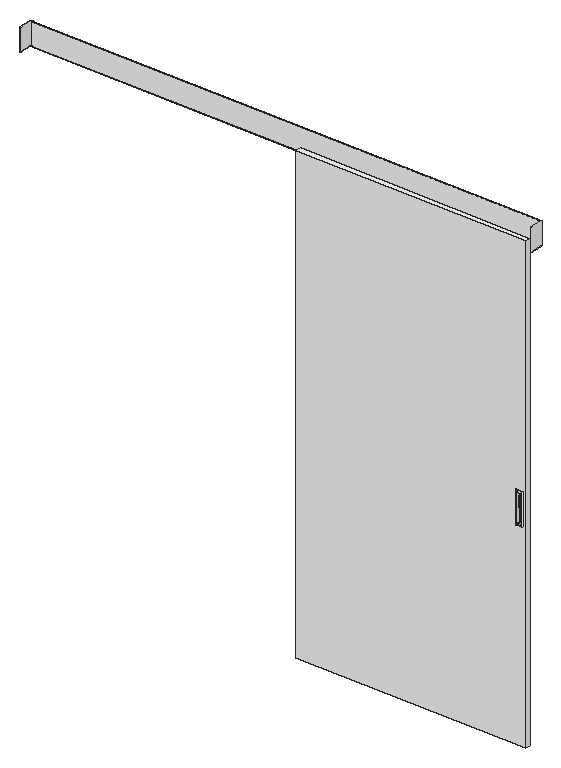
Revit family "LIUNE_D15", category Doors, host Wall, Revit 2012
Parameters (values of type "D15/ LiO10/ Mdf")
  User Covering Lenght = 0 mm
  URL = "http://www.liune.fi"
  Type Comments = "Liune integrated sliding door. The Liune™ delivery includes the ready-welded element, customized door frames and the door leaf. The Liune™ element is patented in the EU, Norway and in the USA. By default, Liune doors include an recessed  handle that can fit into the wall structure and it is included in the delivery. All Liune doors slide completely into the wall, and the entire door opening is unobstructed. The edge of the door becomes visible from the wall frames by pressing the door inward the wall at the height of the  handle, and the door can be  closed. Projecting handle is also suitable, in that case it must be taken into consideration that the width of the door opening will be reduced by 100 mm. For the mounting of cabinets etc. there must be a separate supporting steel plates installed before finishing the surfaces. Installation of Liune sliding door and door  element according to the manufacturer´s instructions. Special instructions apply to Liune products used in wet rooms and saunas. Liune sliding door elements are ready for electric conduits. The automated function is available for special order; maintenance works of the automation equipment take place through the inspection hatch. Soft and self  closing mechanism is also available as an accessory; we recommend using this mechanism only on glass doors. Other accessories include different handles and lock types. More information and instructions are available at www.aulislundell.fi and www.liune.fi"  # constant formula
  Sill to Story [instance] = 0 mm
  Opening Height [instance] = if(IsGlass, Sill to Story + Door Leaf Height, Sill to Story + Door Leaf Height - 35 mm)  # 2100 mm
  Opening = "LiO10"
  OP = if(% Of Open Door > 100, 100, if(% Of Open Door < 0, 0, % Of Open Door))  # 0
  Model = "Liune D15 LiO10"
  Material - Inox = Inox
  Material - Chrome = Chrome
  Material - Black = Black
  Material - Anodized Aluminium = AnodizedAluminium
  Manufacturer = "LIUNE"
  LiO = 10
  Keynote = ""
  IsGlass = no
  Handle Liune Standard 150mm Chrome Mat = yes
  Handle Lexy Round 60mm Inox = no
  H2 = DO1 + 32.5 mm  # 32.5 mm
  H1EL5 = if(IsGlass, Door Leaf Lenght - 81 mm, Door Leaf Lenght + 50 mm)  # 1130 mm
  H1EL4 = if(IsGlass, 30 mm, Door Offset + Door Leaf Thickness)  # 32 mm
  H1EL3 = if(IsGlass, 30 mm, Door Offset)  # 7 mm
  H1EL2 [instance] = H1EL + 75 mm  # 1080 mm
  H1EL1 [instance] = H1EL - 75 mm  # 930 mm
  H1EL [instance] = DoorLeafBottom + 1000 mm  # 1005 mm
  H1 = DO1 + 51 mm  # 51 mm
  Function = Interior
  Height = 0 mm
  Wall Closure = By host
  Width = 0 mm
  Standard Covering Lenght = if(or(LiO = 7, LiO = 8, LiO = 9), 2100 mm, if(or(LiO = 10, LiO = 11), 2400 mm, if(or(LiO = 12, LiO = 13, LiO = 14), 3000 mm, 3000 mm)))  # 2400 mm
  Free Opening = Door Leaf Lenght - 80 mm  # 1000 mm
  FO = (Door Leaf Lenght - 80 mm) / 2  # 500 mm
  FE = Free Opening + 44 mm  # 1044 mm
  DoorLeafTop [instance] = Sill to Story + Bottom Door Gap + Door Leaf Height  # 2140 mm
  DoorLeafBottom [instance] = Sill to Story + Bottom Door Gap  # 5 mm
  Door Offset = 7 mm
  Door Leaf Thickness = if(IsGlass, 8 mm, 25 mm)  # 25 mm
  Door Leaf Lenght = if(LiO = 7, 780 mm, if(LiO = 8, 880 mm, if(LiO = 9, 980 mm, if(LiO = 10, 1080 mm, if(LiO = 11, 1180 mm, if(LiO = 12, 1280 mm, if(LiO = 13, 1380 mm, if(LiO = 14, 1480 mm, 0 mm))))))))  # 1080 mm
  Door Leaf Height Minimum = if(IsGlass, 2100 mm, 2135 mm)  # 2135 mm
  Door Leaf Height Maximum = if(IsGlass, 2300 mm, 2500 mm)  # 2500 mm
  Door Leaf Height = 2135 mm
  Door Leaf = yes
  DO2 = Door Leaf Lenght + (Door Leaf Lenght * (OP / 100))  # 1080 mm
  DO1 = Door Leaf Lenght * (OP / 100)  # 0 mm
  DLF [instance] = Door Leaf Height + Sill to Story  # 2135 mm
  D = 15  # constant formula
  Covering = yes
  Covering Elevation [instance] = if(IsGlass, DoorLeafTop - 2 mm, DoorLeafTop - 35 mm)  # 2105 mm
  Covering Lenght [instance] = if(User Covering Lenght > 0 mm, User Covering Lenght, Standard Covering Lenght)  # 2400 mm
  Construction Type = "Sliding Door"
  Bottom Door Gap = if(IsGlass, 7 mm, 5 mm)  # 5 mm
  Assembly Code = "C1020100"
  5 Material - Door Leaf = SmoothWhite
  5 Material - Covering = SmoothWhite
  4 Material - Door Leaf = if(IsGlass, "GlassGrey, GlassOpal, GlassClear", "SmoothWhite")  # "SmoothWhite"
  1 Handle Luke Rectangle 144mm Silver color = if(IsGlass, 2 < 1, 2 > 1)  # yes
  1 Handle Lucy Round 60mm Inox = 2 > 1  # yes
  1 Handle Lucas Round 55mm Chrome = if(IsGlass, 2 < 1, 2 > 1)  # yes
  1 Handle Lucas Oval 105mm Chrome = if(IsGlass, 2 < 1, 2 > 1)  # yes
  1 Handle Liune Standard 150mm Chrome Mat = if(IsGlass, 2 < 1, 2 > 1)  # yes
  1 Handle Line Projecting 250mm Chrome = if(IsGlass, 2 < 1, 2 > 1)  # yes
  1 Handle Lily Rectangle 304mm Inox = if(IsGlass, 2 > 1, 2 < 1)  # no
  1 Handle Lexy Round 60mm Inox = if(IsGlass, 2 > 1, 2 < 1)  # no
  1 Handle Lexy Round 60mm Black = if(IsGlass, 2 > 1, 2 < 1)  # no
  1 Handle Leo Round 46mm Silver color = if(IsGlass, 2 < 1, 2 > 1)  # yes
  1 Handle Leo Round 46mm Gold = if(IsGlass, 2 < 1, 2 > 1)  # yes
  1 Handle Aune Round 60mm Chrome = if(IsGlass, 2 < 1, 2 > 1)  # yes
  % Of Open Door = 0
Types (16, lengths in mm): name | Opening | Model | LiO | IsGlass | Handle Liune Standard 150mm Chrome Mat | Handle Lexy Round 60mm Inox | H1EL5 | H1EL4 | H1EL3 | H1EL2 | H1EL1 | H1EL | Standard Covering Lenght | Free Opening | FO | FE | DoorLeafTop | DoorLeafBottom | Door Leaf Thickness | Door Leaf Lenght | Door Leaf Height Minimum | Door Leaf Height Maximum | Door Leaf Height | DO2 | DLF | Covering Lenght | Bottom Door Gap | 5 Material - Door Leaf | 5 Material - Covering | 4 Material - Door Leaf | 1 Handle Luke Rectangle 144mm Silver color | 1 Handle Lucas Round 55mm Chrome | 1 Handle Lucas Oval 105mm Chrome | 1 Handle Liune Standard 150mm Chrome Mat | 1 Handle Line Projecting 250mm Chrome | 1 Handle Lily Rectangle 304mm Inox | 1 Handle Lexy Round 60mm Inox | 1 Handle Lexy Round 60mm Black | 1 Handle Leo Round 46mm Silver color | 1 Handle Leo Round 46mm Gold | 1 Handle Aune Round 60mm Chrome
  D15/ LiO7/ Mdf | "LiO7" | "Liune D15 LiO7" | 7 | no | yes | no | 830 | 32 | 7 | 1080 | 930 | 1005 | 2100 | 700 | 350 | 744 | 2140 | 5 | 25 | 780 | 2135 | 2500 | 2135 | 780 | 2135 | 2100 | 5 | SmoothWhite | SmoothWhite | "SmoothWhite" | yes | yes | yes | yes | yes | no | no | no | yes | yes | yes
  D15/ LiO7/ Glass | "LiO7" | "Liune D15 LiO7" | 7 | yes | no | yes | 699 | 30 | 30 | 1082 | 932 | 1007 | 2100 | 700 | 350 | 744 | 2107 | 7 | 8 | 780 | 2100 | 2300 | 2100 | 780 | 2100 | 2100 | 7 | GlassGrey | AnodizedAluminium | "GlassGrey, GlassOpal, GlassClear" | no | no | no | no | no | yes | yes | yes | no | no | no
  D15/ LiO8/ Glass | "LiO8" | "Liune D15 LiO8" | 8 | yes | no | yes | 799 | 30 | 30 | 1082 | 932 | 1007 | 2100 | 800 | 400 | 844 | 2107 | 7 | 8 | 880 | 2100 | 2300 | 2100 | 880 | 2100 | 2100 | 7 | GlassGrey | AnodizedAluminium | "GlassGrey, GlassOpal, GlassClear" | no | no | no | no | no | yes | yes | yes | no | no | no
  D15/ LiO9/ Glass | "LiO9" | "Liune D15 LiO9" | 9 | yes | no | yes | 899 | 30 | 30 | 1082 | 932 | 1007 | 2100 | 900 | 450 | 944 | 2107 | 7 | 8 | 980 | 2100 | 2300 | 2100 | 980 | 2100 | 2100 | 7 | GlassGrey | AnodizedAluminium | "GlassGrey, GlassOpal, GlassClear" | no | no | no | no | no | yes | yes | yes | no | no | no
  D15/ LiO10/ Glass | "LiO10" | "Liune D15 LiO10" | 10 | yes | no | yes | 999 | 30 | 30 | 1082 | 932 | 1007 | 2400 | 1000 | 500 | 1044 | 2107 | 7 | 8 | 1080 | 2100 | 2300 | 2100 | 1080 | 2100 | 2400 | 7 | GlassClear | AnodizedAluminium | "GlassGrey, GlassOpal, GlassClear" | no | no | no | no | no | yes | yes | yes | no | no | no
  D15/ LiO11/ Glass | "LiO11" | "Liune D15 LiO11" | 11 | yes | no | yes | 1099 | 30 | 30 | 1082 | 932 | 1007 | 2400 | 1100 | 550 | 1144 | 2107 | 7 | 8 | 1180 | 2100 | 2300 | 2100 | 1180 | 2100 | 2400 | 7 | GlassClear | AnodizedAluminium | "GlassGrey, GlassOpal, GlassClear" | no | no | no | no | no | yes | yes | yes | no | no | no
  D15/ LiO12/ Glass | "LiO12" | "Liune D15 LiO12" | 12 | yes | no | yes | 1199 | 30 | 30 | 1082 | 932 | 1007 | 3000 | 1200 | 600 | 1244 | 2107 | 7 | 8 | 1280 | 2100 | 2300 | 2100 | 1280 | 2100 | 3000 | 7 | GlassClear | AnodizedAluminium | "GlassGrey, GlassOpal, GlassClear" | no | no | no | no | no | yes | yes | yes | no | no | no
  D15/ LiO13/ Glass | "LiO13" | "Liune D15 LiO13" | 13 | yes | no | yes | 1299 | 30 | 30 | 1082 | 932 | 1007 | 3000 | 1300 | 650 | 1344 | 2107 | 7 | 8 | 1380 | 2100 | 2300 | 2100 | 1380 | 2100 | 3000 | 7 | GlassOpal | AnodizedAluminium | "GlassGrey, GlassOpal, GlassClear" | no | no | no | no | no | yes | yes | yes | no | no | no
  D15/ LiO14/ Glass | "LiO14" | "Liune D15 LiO14" | 14 | yes | no | yes | 1399 | 30 | 30 | 1082 | 932 | 1007 | 3000 | 1400 | 700 | 1444 | 2107 | 7 | 8 | 1480 | 2100 | 2300 | 2100 | 1480 | 2100 | 3000 | 7 | GlassOpal | AnodizedAluminium | "GlassGrey, GlassOpal, GlassClear" | no | no | no | no | no | yes | yes | yes | no | no | no
  D15/ LiO8/ Mdf | "LiO8" | "Liune D15 LiO8" | 8 | no | yes | no | 930 | 32 | 7 | 1080 | 930 | 1005 | 2100 | 800 | 400 | 844 | 2140 | 5 | 25 | 880 | 2135 | 2500 | 2135 | 880 | 2135 | 2100 | 5 | SmoothWhite | SmoothWhite | "SmoothWhite" | yes | yes | yes | yes | yes | no | no | no | yes | yes | yes
  D15/ LiO9/ Mdf | "LiO9" | "Liune D15 LiO9" | 9 | no | yes | no | 1030 | 32 | 7 | 1080 | 930 | 1005 | 2100 | 900 | 450 | 944 | 2140 | 5 | 25 | 980 | 2135 | 2500 | 2135 | 980 | 2135 | 2100 | 5 | SmoothWhite | SmoothWhite | "SmoothWhite" | yes | yes | yes | yes | yes | no | no | no | yes | yes | yes
  D15/ LiO10/ Mdf | "LiO10" | "Liune D15 LiO10" | 10 | no | yes | no | 1130 | 32 | 7 | 1080 | 930 | 1005 | 2400 | 1000 | 500 | 1044 | 2140 | 5 | 25 | 1080 | 2135 | 2500 | 2135 | 1080 | 2135 | 2400 | 5 | SmoothWhite | SmoothWhite | "SmoothWhite" | yes | yes | yes | yes | yes | no | no | no | yes | yes | yes
  D15/ LiO11/ Mdf | "LiO10" | "Liune D15 LiO11" | 11 | no | yes | no | 1230 | 32 | 7 | 1080 | 930 | 1005 | 2400 | 1100 | 550 | 1144 | 2140 | 5 | 25 | 1180 | 2135 | 2500 | 2135 | 1180 | 2135 | 2400 | 5 | SmoothWhite | SmoothWhite | "SmoothWhite" | yes | yes | yes | yes | yes | no | no | no | yes | yes | yes
  D15/ LiO12/ Mdf | "LiO12" | "Liune D15 LiO12" | 12 | no | yes | no | 1330 | 32 | 7 | 1080 | 930 | 1005 | 3000 | 1200 | 600 | 1244 | 2140 | 5 | 25 | 1280 | 2135 | 2500 | 2135 | 1280 | 2135 | 3000 | 5 | SmoothWhite | SmoothWhite | "SmoothWhite" | yes | yes | yes | yes | yes | no | no | no | yes | yes | yes
  D15/ LiO13/ Mdf | "LiO13" | "Liune D15 LiO13" | 13 | no | yes | no | 1430 | 32 | 7 | 1080 | 930 | 1005 | 3000 | 1300 | 650 | 1344 | 2140 | 5 | 25 | 1380 | 2135 | 2500 | 2135 | 1380 | 2135 | 3000 | 5 | SmoothWhite | SmoothWhite | "SmoothWhite" | yes | yes | yes | yes | yes | no | no | no | yes | yes | yes
  D15/ LiO14/ Mdf | "LiO14" | "Liune D15 LiO14" | 14 | no | yes | no | 1530 | 32 | 7 | 1080 | 930 | 1005 | 3000 | 1400 | 700 | 1444 | 2140 | 5 | 25 | 1480 | 2135 | 2500 | 2135 | 1480 | 2135 | 3000 | 5 | SmoothWhite | SmoothWhite | "SmoothWhite" | yes | yes | yes | yes | yes | no | no | no | yes | yes | yes
Reference planes
  plane 1: y = 0
  plane 2 "Center (Left/Right)": x = -150
  plane 3 "Left": x = -650
  plane 4 "Right": x = 350
  plane 5: z = 2100
  plane 6 "Exterior": y = 60
  plane 7 "Interior": y = -60
  plane 8: x = 410
  plane 9: z = 2105
  plane 10 "SillToStory": z = 0
  plane 11 "DoorLeafBottomLevel": z = 5
  plane 12 "DoorR": x = 380
  plane 13 "DoorL": x = -700
  plane 14 "DoorDown": y = 67
  plane 15 "DoorUp": y = 92
  plane 16: x = 380
  plane 17: x = 347.5
  plane 18: x = 329
  plane 19: x = 358.5
  plane 20: x = 336.5
  plane 21: y = 92
  plane 22: y = 82
  plane 23: x = 358.5
  plane 24: x = 336.5
  plane 25: y = 77
  plane 26: y = 67
  plane 27: x = -282.5
  plane 28: z = 2140
  plane 29: x = -556.825
  plane 30: x = 236.825
  plane 31: x = -694
  plane 32: x = 430
  plane 33: x = 490
  plane 34: z = 1005
Forms (mm)
  Extrusion 1, solid, material "SmoothWhite" <- "5 Material - Door Leaf", visible <- "Door Leaf"
    sketch origin (384.782, -10.053, 0) x (1, 0, 0) y (0, 1, 0)
      loop
        line (-1084.782, 102.053) -> (-1084.782, 77.053) -> (-4.782, 77.053) -> (-4.782, 102.053) -> (-1084.782, 102.053)
    from 5 <- "DoorLeafBottom" to 2140 <- "DoorLeafTop"
  Extrusion 2, void
    sketch origin (0, 99.688, 0) x (1, 0, 0) y (0, 1, 0)
      loop
        line (358.5, -7.688) -> (336.5, -7.688) -> (336.5, -17.688) -> (358.5, -17.688) -> (358.5, -7.688)
    from 930 <- "H1EL1" to 1080 <- "H1EL2"
  Extrusion 3, void
    sketch origin (-50, 112.009, 0) x (1, 0, 0) y (0, 1, 0)
      loop
        line (408.5, -35.009) -> (386.5, -35.009) -> (386.5, -45.009) -> (408.5, -45.009) -> (408.5, -35.009)
    from 930 <- "H1EL1" to 1080 <- "H1EL2"
  Extrusion 4, void
    sketch origin (129.191, 92, 1200) x (-1, 0, 0) y (0, 0, 1)
      loop
        circle (-330.809, -195) r 30
    from -8 to 0
Cuts and joins
  Extrusion 2, Extrusion 3, Extrusion 4 cuts Extrusion 1
Lines and regions (mm)
  Opening 1
    outline origin (-3050, -60, 0) x (1, 0, 0) y (0, 0, 1)
      loop
        line (2400, 0) -> (3400, 0) -> (3400, 2100) -> (2400, 2100) -> (2400, 0)
Text (mm)
  text "Exterior" at (-2295.016, 1099.543, 0), in view "Ref. Level"
  text "Exterior" at (0, 1615.38, 3698.081), in view "Left"
  text "Exterior" at (0, 1036.032, 3874.932), in view "Right"
Dimensions and locks
  plane 3 "Left" to plane 4 "Right" = 1000 mm  (x2)
  "Opening Height": plane 5 to host wall
  host wall to plane 5 = 2100 mm  (x2)
  locked: plane 6 "Exterior" to host wall at 0
  locked: plane 7 "Interior" to host wall
  plane 4 "Right" to plane 8 = 60 mm
  "Covering Elevation": plane 9 to level
  "Sill to Story": level to plane 10 "SillToStory"
  "Bottom Door Gap": plane 10 "SillToStory" to plane 11 "DoorLeafBottomLevel"
  "Door Leaf Thickness": plane 15 "DoorUp" to plane 14 "DoorDown"
  "DO1": plane 12 "DoorR" to plane 16
  "DO2": plane 13 "DoorL" to plane 16
  "H1": plane 18 to plane 16
  "H2": plane 17 to plane 16
  "Free Opening": plane 3 "Left" to plane 4 "Right"
  "FO": plane 2 "Center (Left/Right)" to plane 4 "Right"
  "Door Offset": plane 14 "DoorDown" to plane 6 "Exterior"
  locked: plane 20 to plane 19 at 22
  locked: plane 21 to plane 22 at 10
  locked: plane 24 to plane 23 at 22
  locked: plane 25 to plane 26 at 10
  locked: plane 24 to plane 17 at 11
  locked: plane 20 to plane 17 at 11
  "DoorLeafTop": level to plane 28
  locked: plane 29 to plane 13 "DoorL" at 143.175
  locked: plane 12 "DoorR" to plane 30 at 143.175
  "H1EL4": plane 21 to plane 6 "Exterior"
  "H1EL3": plane 26 to plane 6 "Exterior"
  "FE": plane 31 to plane 4 "Right"
  locked: plane 33 to plane 32 at 60
  "H1EL": level to plane 34
  "H1EL5": plane 32 to plane 13 "DoorL"
  aligned and locked: plane 3 "Left" to Opening 1 sketch curve
  aligned and locked: plane 5 to Opening 1 sketch curve  (x2)
  aligned and locked: Opening 1 sketch curve to plane 4 "Right"
  aligned and locked: Opening 1 sketch curve to level
  aligned and locked: host wall to plane 1
  aligned and locked: plane 8 to nested 1
  aligned and locked: nested 1 to plane 9
  aligned and locked: Extrusion 1 sketch curve to plane 13 "DoorL"
  aligned and locked: Extrusion 1 sketch curve to plane 12 "DoorR"
  aligned and locked: Extrusion 1 sketch curve to plane 15 "DoorUp"
  aligned and locked: plane 14 "DoorDown" to Extrusion 1 sketch curve
  aligned and locked: plane 18 to nested 3
  aligned and locked: plane 17 to nested 4
  aligned and locked: nested 2 to plane 17
  aligned and locked: Extrusion 2 sketch curve to plane 19
  aligned and locked: plane 20 to Extrusion 2 sketch curve
  aligned and locked: Extrusion 2 sketch curve to plane 21
  aligned and locked: plane 22 to Extrusion 2 sketch curve
  aligned and locked: Extrusion 3 sketch curve to plane 23
  aligned and locked: plane 24 to Extrusion 3 sketch curve
  aligned and locked: Extrusion 3 sketch curve to plane 25
  aligned and locked: plane 26 to Extrusion 3 sketch curve
  aligned and locked: nested 6 to plane 28
  aligned and locked: plane 28 to nested 5
  aligned and locked: nested 5 to plane 29
  aligned and locked: nested 6 to plane 30
  aligned and locked: nested 7 to plane 31
  aligned and locked: plane 32 to Extrusion 4 sketch curve
  aligned and locked: plane 33 to Extrusion 4 sketch curve
  aligned and locked: plane 34 to Extrusion 4 sketch curve
Nested families
  nested 1: "COVER" at (410, 60, 2105) x (-1, 0, 0) z (0, 1, 0), L <- "Covering Lenght", CoverMaterial <- "5 Material - Covering", visible <- "Covering", type "COVER"
    with W1 58.5 mm, W 60 mm, L1 2398.4 mm, L 2400 mm, CoverMaterial SmoothWhite
  nested 2: "H_Liune" at (347.5, 92, 1005) x (-1, 0, 0) z (0, 1, 0), visible <- "Handle Liune Standard 150mm Chrome Mat", built-in parameter 1001360 <- "H1EL", type "H_Liune"
  nested 3: "H_LexyInox" at (329, 92, 1005) x (1, 0, 0) z (0, 1, 0), built-in parameter 1001360 <- "H1EL", visible <- "Handle Lexy Round 60mm Inox", type "H_LexyInox"
  nested 4: "H_Liune" at (347.5, 67, 1005) x (1, 0, 0) z (0, -1, 0), visible <- "Handle Liune Standard 150mm Chrome Mat", built-in parameter 1001360 <- "H1EL", type "H_Liune"
  nested 5: "Chwytak" at (-556.825, 67, 2140) x (1, 0, 0) z (0, -1, 0), visible <- "IsGlass", type "Chwytak"
  nested 6: "Chwytak" at (236.825, 67, 2140) x (1, 0, 0) z (0, -1, 0), visible <- "IsGlass", type "Chwytak"
  nested 7: "FloorPart" at (-694, 71, 0), visible <- "IsGlass", built-in parameter 1001364 <- "Sill to Story", Material <- "Material - Chrome", type "FloorPart"
    with Material Chrome
Definition of nested family "COVER"
  Parameters (values of type "COVER")
    W1 [instance] = W - 1.5 mm  # 48.5 mm
    W [instance] = 50 mm
    L1 [instance] = L - 1.6 mm  # 1198.4 mm
    L [instance] = 1200 mm
    Default Elevation = 0 mm
    CoverMaterial [instance] = none
  Reference planes
    plane 1 "Center (Front/Back)": y = 0
    plane 2: z = 0
    plane 3 "Center (Left/Right)": x = 0
    plane 4: x = 0
    plane 5: z = 50
    plane 6: x = 1200
    plane 7: x = 1200
  Forms (mm)
    Extrusion 1, solid
      sketch origin (0, 0, 0) x (1, 0, 0) y (0, 1, 0)
        loop
          line (-1219.2, 1219.2) -> (-1219.2, -1219.2) -> (1219.2, -1219.2) -> (1219.2, 1219.2) -> (-1219.2, 1219.2)
      from 0 to -304.8
    Sweep 2, solid, material <- "CoverMaterial"
      path origin (3.125, 0, 0) x (1, 0, 0) y (0, 1, 0)
        loop
          line (-3.125, 0) -> (1196.875, 0)
      profile origin (600, 0, 0) x (0, 1, 0) y (0, 0, 1)
        loop
          arc (0.75, 50) -> (0, 49.25) -> (0.75, 48.5) r 0.75
          line (0.75, 48.5) -> (107.25, 48.5)
          arc (107.25, 48.5) -> (108, 49.25) -> (107.25, 50) r 0.75
          line (107.25, 50) -> (0.75, 50)
    Extrusion 3, solid, material <- "CoverMaterial"
      sketch origin (0, 0, 0) x (1, 0, 0) y (0, 1, 0)
        loop
          arc (0, 0.75) -> (0.75, 0) -> (1.5, 0.75) r 0.75
          line (1.5, 0.75) -> (1.5, 107.25)
          arc (1.5, 107.25) -> (0.75, 108) -> (0, 107.25) r 0.75
          line (0, 107.25) -> (0, 0.75)
      from 0 to 48.5 <- "W1"
    Extrusion 4, solid, material <- "CoverMaterial"
      sketch origin (1010, 0, 0) x (1, 0, 0) y (0, 1, 0)
        loop
          arc (188.5, 0.75) -> (189.25, 0) -> (190, 0.75) r 0.75
          line (190, 0.75) -> (190, 107.25)
          arc (190, 107.25) -> (189.25, 108) -> (188.5, 107.25) r 0.75
          line (188.5, 107.25) -> (188.5, 0.75)
      from 0 to 48.5 <- "W1"
  Cuts and joins
    joined: Sweep 2, Extrusion 3
  Dimensions and locks
    "L": plane 3 "Center (Left/Right)" to Sweep 2 sketch curve
    "W": plane 5 to Extrusion 1
    locked: plane 5 to Sweep 2 sketch curve at 1.5
    locked: Extrusion 4 sketch curve to plane 7 at 1.5
    "L": plane 3 "Center (Left/Right)" to plane 6
    aligned and locked: plane 2 to Extrusion 1
    aligned and locked: level to Extrusion 1
    aligned and locked: plane 4 to Sweep 2 sketch curve
    aligned and locked: plane 5 to Sweep 2 sketch curve
    aligned and locked: plane 3 "Center (Left/Right)" to Extrusion 3 sketch curve
    aligned and locked: plane 7 to Extrusion 4 sketch curve
    aligned and locked: plane 6 to plane 7
  Automatic sketch dimensions
    Extrusion 1 sketch curve to Extrusion 1 sketch curve = 2438.4 mm  (x2)
    plane 1 "Center (Front/Back)" to Sweep 2 sketch curve = 0 mm
    Sweep 2 sketch curve to profile plane = 0.75 mm
    Sweep 2 sketch curve to Sweep 2 sketch curve = 106.5 mm
    Extrusion 3 sketch curve to Extrusion 3 sketch curve = 0.75 mm
    Extrusion 3 sketch curve to plane 1 "Center (Front/Back)" = 0.75 mm
    Extrusion 3 sketch curve to Extrusion 3 sketch curve = 106.5 mm
    Extrusion 4 sketch curve to plane 1 "Center (Front/Back)" = 0.75 mm
    Extrusion 4 sketch curve to Extrusion 4 sketch curve = 106.5 mm
Definition of nested family "H_Liune"
  Parameters (values of type "H_Liune")
    W = 388.062 mm
    LiuneLogo = Black
    Handle = Chrome
    H = 295.804 mm
    Default Elevation = 0 mm
  Reference planes
    plane 1 "Center (Front/Back)": y = 0
    plane 2: z = 0
    plane 3 "Center (Left/Right)": x = 0
    plane 4: x = -17.5
    plane 5: x = 17.5
    plane 6: y = 75
    plane 7: y = -75
  Forms (mm)
    Extrusion 1, solid
      sketch origin (0, 0, 0) x (1, 0, 0) y (0, 1, 0)
        loop
          line (-1219.2, 1219.2) -> (-1219.2, -1219.2) -> (1219.2, -1219.2) -> (1219.2, 1219.2) -> (-1219.2, 1219.2)
      from 0 to -304.8
    Blend 2, solid, material "Chrome" <- "Handle"
      base sketch origin (0, 0, 0) x (1, 0, 0) y (0, 1, 0)
        loop
          line (-17.5, 75) -> (-17.5, -75) -> (17.5, -75) -> (17.5, 75) -> (-17.5, 75)
      top sketch origin (0, 0, 0) x (1, 0, 0) y (0, 1, 0)
        loop
          line (-16, 73.5) -> (-16, -73.5) -> (16, -73.5) -> (16, 73.5) -> (-16, 73.5)
      from 0 to 1.5
    Blend 3, solid, material "Chrome" <- "Handle"
      base sketch origin (0, 0, 0) x (1, 0, 0) y (0, 1, 0)
        loop
          line (7.5, 46) -> (-7.5, 46) -> (-7.5, -3) -> (7.5, -3) -> (7.5, 46)
      top sketch origin (0, 0, 0) x (1, 0, 0) y (0, 1, 0)
        loop
          line (-8, 46.5) -> (-8, -3.5) -> (8, -3.5) -> (8, 46.5) -> (-8, 46.5)
      from -8 to -8.5
    Extrusion 4, solid, material "Black" <- "LiuneLogo"
      sketch origin (0, 0, 0) x (1, 0, 0) y (0, 1, 0)
        loop
          line (-6.03, 0.47) -> (-3.97, 0.47) -> (-3.97, 34.206) -> (2.976, 0.47) -> (6.03, 0.47) -> (6.03, 42.53) -> (3.97, 42.53) -> (3.97, 8.794) -> (-2.976, 42.53) -> (-6.03, 42.53) -> (-6.03, 0.47)
      from -8 to -7
    Extrusion 5, void
      sketch origin (0, 0, 0) x (1, 0, 0) y (0, 1, 0)
        loop
          line (8.207, 66.5) -> (-8.207, 66.5) -> (-9.5, 65.207) -> (-9.5, -65.207) -> (-8.207, -66.5) -> (8.207, -66.5) -> (9.5, -65.207) -> (9.5, 65.207) -> (8.207, 66.5)
      from 7.744 to -8.5
    Extrusion 6, solid, material "Chrome" <- "Handle"
      sketch origin (0, 0, 0) x (1, 0, 0) y (0, 1, 0)
        loop
          line (8.207, 66.5) -> (-8.207, 66.5) -> (-9.5, 65.207) -> (-9.5, -65.207) -> (-8.207, -66.5) -> (8.207, -66.5) -> (9.5, -65.207) -> (9.5, 65.207) -> (8.207, 66.5)
        loop
          line (-11, 65.828) -> (-11, -65.828) -> (-8.829, -68) -> (8.829, -68) -> (11, -65.828) -> (11, 65.828) -> (8.829, 68) -> (-8.829, 68) -> (-11, 65.828)
      from -8.5 to 0
    Extrusion 7, solid, material "Chrome" <- "Handle"
      sketch origin (0, 0, 0) x (1, 0, 0) y (0, 1, 0)
        loop
          line (-11, 65.828) -> (-11, -65.828) -> (-8.829, -68) -> (8.829, -68) -> (11, -65.828) -> (11, 65.828) -> (8.829, 68) -> (-8.829, 68) -> (-11, 65.828)
      from -8.5 to -10
  Cuts and joins
    Extrusion 5 cuts Blend 2
    joined: Blend 2, Extrusion 6, Extrusion 7
  Dimensions and locks
    aligned and locked: plane 2 to Extrusion 1
    aligned and locked: level to Extrusion 1
    aligned and locked: Extrusion 6 to cut or joined group of Blend 2, Extrusion 5, Extrusion 6, Extrusion 7
Definition of nested family "H_LexyInox"
  Parameters (values of type "H_LexyInox")
    Handle = Inox
    Default Elevation = 0 mm
  Reference planes
    plane 1 "Center (Front/Back)": y = 0
    plane 2: z = 0
    plane 3 "Center (Left/Right)": x = 0
    plane 4: x = -30
    plane 5: x = 30
    plane 6: y = 30
    plane 7: y = -30
  Forms (mm)
    Extrusion 1, solid
      sketch origin (0, 0, 0) x (1, 0, 0) y (0, 1, 0)
        loop
          line (-1219.2, 1219.2) -> (-1219.2, -1219.2) -> (1219.2, -1219.2) -> (1219.2, 1219.2) -> (-1219.2, 1219.2)
      from 0 to -304.8
    Extrusion 2, solid, material "Inox" <- "Handle"
      sketch origin (0, 0, 0) x (1, 0, 0) y (0, 1, 0)
        loop
          circle (0, 0) r 30
      from -8 to 0
    Extrusion 3, void
      sketch origin (0, 0, 0) x (1, 0, 0) y (0, 1, 0)
        loop
          arc (1.429, -10) -> (4.358, -17.071) -> (11.429, -20) r 10
          arc (11.429, -20) -> (18.5, -17.071) -> (21.429, -10) r 10
          line (21.429, -10) -> (21.429, 10)
          arc (21.429, 10) -> (18.5, 17.071) -> (11.429, 20) r 10
          arc (11.429, 20) -> (4.358, 17.071) -> (1.429, 10) r 10
          line (1.429, 10) -> (1.429, -10)
      from -7 to 0
    Extrusion 4, void
      sketch origin (0, 0, 0) x (-1, 0, 0) y (0, -1, 0)
        loop
          line (1.429, 10) -> (1.429, -10)
          arc (1.429, -10) -> (4.358, -17.071) -> (11.429, -20) r 10
          arc (11.429, -20) -> (18.5, -17.071) -> (21.429, -10) r 10
          line (21.429, -10) -> (21.429, 10)
          arc (21.429, 10) -> (18.5, 17.071) -> (11.429, 20) r 10
          arc (11.429, 20) -> (4.358, 17.071) -> (1.429, 10) r 10
      from -8 to -1
  Cuts and joins
    Extrusion 3, Extrusion 4 cuts Extrusion 2
  Dimensions and locks
    aligned and locked: plane 2 to Extrusion 1
    aligned and locked: level to Extrusion 1
Definition of nested family "Chwytak"
  Parameters (values of type "Chwytak")
    Material = none
    Default Elevation = 1219.2 mm
  Reference planes
    plane 1 "Center (Front/Back)": y = 0
    plane 2: z = 0
    plane 3 "Center (Left/Right)": x = 0
  Forms (mm)
    Extrusion 1, solid
      sketch origin (0, 0, 0) x (1, 0, 0) y (0, 1, 0)
        loop
          line (-1219.2, 1219.2) -> (-1219.2, -1219.2) -> (1219.2, -1219.2) -> (1219.2, 1219.2) -> (-1219.2, 1219.2)
      from 0 to -304.8
    Extrusion 2, solid, material <- "Material"
      sketch origin (0, 0, 0) x (1, 0, 0) y (0, 1, 0)
        loop
          arc (-73.675, 0) -> (-48.175, -25.5) -> (-22.675, 0) r 25.5
          line (-22.675, 0) -> (-73.675, 0)
        loop
          arc (22.675, 0) -> (48.175, -25.5) -> (73.675, 0) r 25.5
          line (73.675, 0) -> (22.675, 0)
      from 0 to 1.4
    Extrusion 3, solid, material <- "Material"
      sketch origin (0, 0, 0) x (1, 0, 0) y (0, 1, 0)
        loop
          arc (-73.675, 0) -> (-48.175, -25.5) -> (-22.675, 0) r 25.5
          line (-22.675, 0) -> (-73.675, 0)
        loop
          arc (22.675, 0) -> (48.175, -25.5) -> (73.675, 0) r 25.5
          line (73.675, 0) -> (22.675, 0)
      from -9.4 to -8
  Dimensions and locks
    aligned and locked: plane 2 to Extrusion 1
    aligned and locked: level to Extrusion 1
Definition of nested family "FloorPart"
  Parameters (values of type "FloorPart")
    Material [instance] = none
  Reference planes
    plane 1 "Center (Front/Back)": y = 0
    plane 2: z = 0
    plane 3 "Center (Left/Right)": x = 0
  Forms (mm)
    Sweep 1, solid, material <- "Material"
      path origin (0, 0, 0) x (1, 0, 0) y (0, 1, 0)
        loop
          line (0, 10.3) -> (0, -10.3)
      profile origin (0, 0, 0) x (1, 0, 0) y (0, 0, 1)
        loop
          line (-33.03, 0) -> (33.14, 0)
          arc (33.14, 0) -> (34.07, 0.537) -> (34.07, 1.611) r 1.074
          line (34.07, 1.611) -> (23.742, 19.5)
          arc (23.742, 19.5) -> (21.912, 21.33) -> (19.412, 22) r 5
          line (19.412, 22) -> (-19.412, 22)
          arc (-19.412, 22) -> (-21.912, 21.33) -> (-23.742, 19.5) r 5
          line (-23.742, 19.5) -> (-34.015, 1.706)
          arc (-34.015, 1.706) -> (-34.015, 0.569) -> (-33.03, 0) r 1.137
    Extrusion 2, void
      sketch origin (0, 0, 0) x (1, 0, 0) y (0, 1, 0)
        loop
          line (-34.796, 6.35) -> (-34.796, -6.35) -> (34.888, -6.35) -> (34.888, 6.35) -> (-34.796, 6.35)
      from 4 to 23
  Cuts and joins
    Extrusion 2 cuts Sweep 1
  Dimensions and locks
    aligned and locked: level to plane 2
